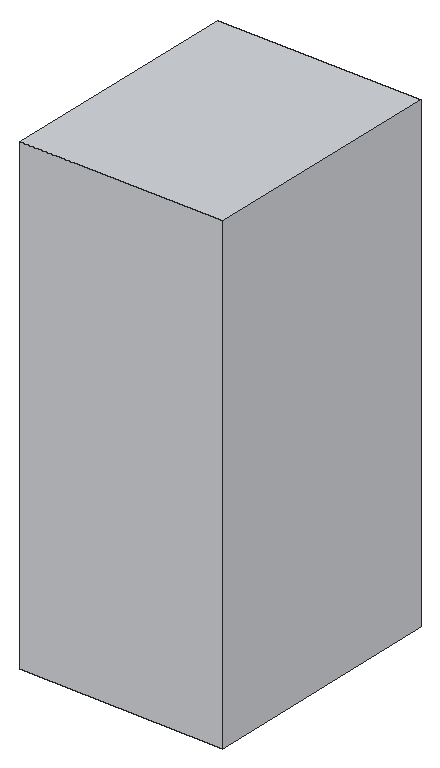
Revit family "Kinzo -210 - Matt Nickel_", category Lighting Fixtures, host Wall, Revit 2018
Family settings
  Host = Wall
  Round Connector Dimension = Use Diameter
  Part Type = Normal
  OmniClass Number = 23.80.70.00
  OmniClass Title = Lighting
  Always vertical = Yes
  Cut with Voids When Loaded = No
  Light Source = Yes
  Shared = No
  Room Calculation Point = No
Parameters (values of type "CE")
  Wattage = 11.6 W
  built-in parameter 1150110 = 1 (stored number, unit not read)
  URL = "www.astrolighting.com"
  built-in parameter 1114217 = 1 (stored number, unit not read)
  Tilt Angle = 0.00°
  built-in parameter 1150109 = 1 (stored number, unit not read)
  built-in parameter 1150134 = (empty or 0)
  built-in parameter 1150113 = 1 (stored number, unit not read)
  Photometric Web File = "GNC-20245 8171 - Kinzo 210 - Black.ies"
  built-in parameter 1150105 = 53.54 (stored number, unit not read)
  Lumens = 672.8 lm
  built-in parameter 1150115 = 1 (stored number, unit not read)
  built-in parameter 1150137 = (empty or 0)
  built-in parameter 1150139 = (empty or 0)
  built-in parameter 1150112 = 1 (stored number, unit not read)
  built-in parameter 1150114 = 1 (stored number, unit not read)
  built-in parameter 1150132 = (empty or 0)
  built-in parameter 1150102 = (empty or 0)
  built-in parameter 1150107 = 2700 (stored number, unit not read)
  built-in parameter 1150138 = (empty or 0)
  built-in parameter 1150106 = 0.5354 (stored number, unit not read)
  built-in parameter 1150104 = 5.3884 (stored number, unit not read)
  Dimming Lamp Color Temperature Shift = <None>
  Color Filter = 16777215
  built-in parameter 1114218 = 1 (stored number, unit not read)
  built-in parameter 1150133 = 10 (stored number, unit not read)
  ADA compliant = "Yes"
  Product SKU = 1398007
  Product Name = "Kinzo 210"
  Product Location = "Indoor"
  Product Code = 8169
  Power (Watts) = "11.6"
  Manufacturer = "Astro Lighting Ltd"
  Main Material = "Metal - Alu"
  Main Finish = "Black"
  Light Source Fixed = "Yes"
  Length of Cable Supplied = "Not supplied"
  Lamp = "LED"
  Location rating = "IP20"
  Electrical Class = 1
  Efficacy (lm/w) = "58"
  Driver Required = "No"
  Driver Included = "Integral"
  Dimming Method = "Phase Dimming"
  Dimmable = "Yes"
Types (2, lengths in mm): name | Wattage | Tilt Angle | built-in parameter 1150134 | Photometric Web File | built-in parameter 1150105 | Lumens | built-in parameter 1150107 | built-in parameter 1150106 | built-in parameter 1150104 | ADA compliant | Product SKU | Product Name | Product Location | Product Code | Power (Watts) | Main Material | Main Finish | Light Source Fixed | Length of Cable Supplied | Lamp | Location rating | Electrical Class | Efficacy (lm/w) | Driver Included | Dimming Method | Dimmable
  CE | 11.6 W | 0.00° | (empty or 0) | "GNC-20245 8171 - Kinzo 210 - Black.ies" | 53.54 (stored number, unit not read) | 672.8 lm | 2700 (stored number, unit not read) | 0.5354 (stored number, unit not read) | 5.3884 (stored number, unit not read) | "Yes" | 1398007 | "Kinzo 210" | "Indoor" | 8169 | "11.6" | "Metal - Alu" | "Black" | "Yes" | "Not supplied" | "LED" | "IP20" | 1 | "58" | "Integral" | "Phase Dimming" | "Yes"
  ETL | 9.2903 W | 60.00° | 3 | "generic" | 109.82 (stored number, unit not read) | 1380 lm | 3200 (stored number, unit not read) | 1.0982 (stored number, unit not read) | 13.8 (stored number, unit not read) | "NO" | 1234001 | "" | "Bathroom" | 1234 | "" | "Metal - Steel" | "" | "" | "" | 0 | "DAMP" | 0 | "" | "" | "" | ""
Reference planes
  plane 1: y = 0
  plane 2 "Light Source Axis (L/R)": x = 125
  plane 3 "Light Source Axis (F/R)": y = 150
  plane 4 "Light Source Elevation": z = 1800
Forms (mm)
  Extrusion 1, solid
    sketch origin (124.996, 0, 94.126) x (0, 1, 0) y (0, 0, 1)
      loop
        line (0, 330) -> (0, 120) -> (110, 120) -> (110, 330) -> (0, 330)
    from -45 to 45
Text (mm)
  text "Placement side" at (-1787.139, 1116.779, 0), in view "Ref. Level"
  text "Placement side" at (0, 2110.396, 2986.058), in view "Left"
  text "Placement side" at (0, 628.478, 3011.967), in view "Right"
Dimensions and locks
  locked: host wall to plane 1 at 75
